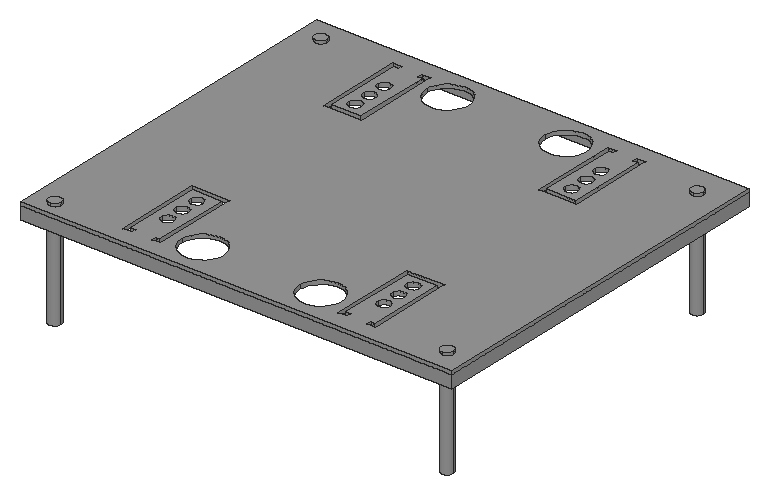
Revit family "Höhenerweiterung für Bodentank UDHOME9", category Generic Models, Revit 2015
Parameters (values of type "HE60 UDHOME9")
  Width = 285 mm
  URL = "http://www.obo-bettermann.com"
  Material = Steel, Galvanized
  Manufacturer Art.No. = "7427444"
  Manufacturer = "OBO Bettermann"
  Length = 245 mm
  HeightCalc = if(Height < 10 mm, 10 mm, (if(Height > 60 mm, 60 mm, Height)))  # 60 mm
  Height 1 = 72 mm
  Height = 60 mm
  GTIN = "4012195919315"
  Article Type = "HE60 UDHOME9"
Reference planes
  plane 1 "Center (Front/Back)": y = 0
  plane 2: z = 0
  plane 3 "Center (Left/Right)": x = 0
  plane 4: z = 72
  plane 5: z = 60
Forms (mm)
  Extrusion 1, solid, material "Steel, Galvanized" <- "Material"
    sketch origin (0, 0, 0) x (1, 0, 0) y (0, 1, 0)
      loop
        circle (-128, 107.5) r 4
      loop
        circle (124, 103.5) r 4
      loop
        circle (-128, -112) r 4
      loop
        circle (128, -108) r 4
    from 0 to 72
  Extrusion 2, solid, material "Steel, Galvanized" <- "Material"
    sketch origin (0, 0, 0) x (1, 0, 0) y (0, 1, 0)
      loop
        line (-142.5, 122.5) -> (-142.5, -122.5) -> (142.5, -122.5) -> (142.5, 122.5) -> (-142.5, 122.5)
    from 68.256 to 70.688
  Extrusion 3, solid, material "Steel, Galvanized" <- "Material"
    sketch origin (0, 0, 0) x (1, 0, 0) y (0, 1, 0)
      loop
        line (142.5, 122.5) -> (-142.5, 122.5) -> (-142.5, -122.5) -> (142.5, -122.5) -> (142.5, 122.5)
      loop
        line (-140.5, 120.5) -> (-140.5, -120.5) -> (140.5, -120.5) -> (140.5, 120.5) -> (-140.5, 120.5)
    from 60 to 68.256
  Extrusion 4, void
    sketch origin (0, 0, 0) x (1, 0, 0) y (0, 1, 0)
      loop
        line (-77.5, 111.4) -> (-83.5, 111.4) -> (-83.5, 54.4) -> (-58.5, 54.4) -> (-58.5, 111.4) -> (-64.5, 111.4) -> (-64.5, 108.4) -> (-61.5, 108.4) -> (-61.5, 57.4) -> (-80.5, 57.4) -> (-80.5, 108.4) -> (-77.5, 108.4) -> (-77.5, 111.4)
      loop
        line (77.5, 111.4) -> (77.5, 108.4) -> (80.5, 108.4) -> (80.5, 57.4) -> (61.5, 57.4) -> (61.5, 108.4) -> (64.5, 108.4) -> (64.5, 111.4) -> (58.5, 111.4) -> (58.5, 54.4) -> (83.5, 54.4) -> (83.5, 111.4) -> (77.5, 111.4)
      loop
        line (-77.5, -111.4) -> (-77.5, -108.4) -> (-80.5, -108.4) -> (-80.5, -57.4) -> (-61.5, -57.4) -> (-61.5, -108.4) -> (-64.5, -108.4) -> (-64.5, -111.4) -> (-58.5, -111.4) -> (-58.5, -54.4) -> (-83.5, -54.4) -> (-83.5, -111.4) -> (-77.5, -111.4)
      loop
        line (77.5, -111.4) -> (83.5, -111.4) -> (83.5, -54.4) -> (58.5, -54.4) -> (58.5, -111.4) -> (64.5, -111.4) -> (64.5, -108.4) -> (61.5, -108.4) -> (61.5, -57.4) -> (80.5, -57.4) -> (80.5, -108.4) -> (77.5, -108.4) -> (77.5, -111.4)
    from 68.256 to 70.688
  Extrusion 5, void
    sketch origin (0, 0, 0) x (1, 0, 0) y (0, 1, 0)
      loop
        circle (-71.5, 89.4) r 4.25
      loop
        circle (-71.5, 77.4) r 4.25
      loop
        circle (-71.5, 65.4) r 4.25
      loop
        circle (71.5, 89.4) r 4.25
      loop
        circle (71.5, 77.4) r 4.25
      loop
        circle (71.5, 65.4) r 4.25
      loop
        circle (-71.5, -89.4) r 4.25
      loop
        circle (-71.5, -77.4) r 4.25
      loop
        circle (-71.5, -65.4) r 4.25
      loop
        circle (71.5, -89.4) r 4.25
      loop
        circle (71.5, -77.4) r 4.25
      loop
        circle (71.5, -65.4) r 4.25
    from 68.256 to 70.688
  Extrusion 6, void
    sketch origin (0, 0, 0) x (1, 0, 0) y (0, 1, 0)
      loop
        circle (-39, 101) r 14
      loop
        circle (39, 101) r 14
      loop
        circle (-39, -101) r 14
      loop
        circle (39, -101) r 14
    from 68.256 to 70.688
Cuts and joins
  Extrusion 4, Extrusion 5, Extrusion 6 cuts Extrusion 2
Dimensions and locks
  "Height 1": plane 4 to level
  "Width": Extrusion 2 sketch curve to Extrusion 2 sketch curve
  equal spacing: Extrusion 2 sketch curve, plane 3 "Center (Left/Right)", Extrusion 2 sketch curve
  "Length": Extrusion 2 sketch curve to Extrusion 2 sketch curve
  equal spacing: Extrusion 2 sketch curve, plane 1 "Center (Front/Back)", Extrusion 2 sketch curve
  locked: Extrusion 2 to Extrusion 3 sketch curve at 2  (x3)
  locked: Extrusion 3 sketch curve to Extrusion 2 at 2
  locked: Extrusion 2 to Extrusion 2 at 2.433
  locked: Extrusion 3 to Extrusion 3 at 8.256
  "HeightCalc": plane 5 to level
  locked: Extrusion 4 sketch curve to Extrusion 4 sketch curve at 25  (x4)
  locked: Extrusion 4 sketch curve to Extrusion 4 sketch curve at 57  (x4)
  locked: cut or joined group of Extrusion 2, Extrusion 4, Extrusion 5, Extrusion 6 to Extrusion 4 sketch curve at 59
  locked: Extrusion 4 sketch curve to Extrusion 4 sketch curve at 6  (x8)
  locked: Extrusion 4 sketch curve to Extrusion 4 sketch curve at 3  (x16)
  locked: cut or joined group of Extrusion 2, Extrusion 4, Extrusion 5, Extrusion 6 to Extrusion 4 sketch curve at 11.1
  locked: cut or joined group of Extrusion 2, Extrusion 4, Extrusion 5, Extrusion 6 to Extrusion 5 sketch curve at 71  (x3)
  locked: cut or joined group of Extrusion 2, Extrusion 4, Extrusion 5, Extrusion 6 to Extrusion 5 sketch curve at 33.1
  locked: plane 3 "Center (Left/Right)" to Extrusion 1 sketch curve at 128  (x2)
  locked: Extrusion 1 sketch curve to plane 3 "Center (Left/Right)" at 128  (x2)
  locked: plane 1 "Center (Front/Back)" to Extrusion 1 sketch curve at 107.5  (x2)
  locked: Extrusion 1 sketch curve to plane 1 "Center (Front/Back)" at 108  (x2)
  locked: Extrusion 5 sketch curve to Extrusion 5 sketch curve at 12  (x8)
  locked: cut or joined group of Extrusion 2, Extrusion 4, Extrusion 5, Extrusion 6 to Extrusion 6 sketch curve at 21.5  (x2)
  locked: Extrusion 6 sketch curve to Extrusion 6 sketch curve at 78  (x2)
  equal spacing: Extrusion 6 sketch curve, plane 3 "Center (Left/Right)", Extrusion 6 sketch curve, locked at 39 each  (x2)
  diameter of Extrusion 1 sketch curve = 8 mm  (x4)
  diameter of Extrusion 5 sketch curve = 8.5 mm  (x9)
  diameter of Extrusion 6 sketch curve = 28 mm  (x4)
  aligned and locked: level to plane 2
  aligned and locked: plane 4 to Extrusion 1
  aligned and locked: Extrusion 3 to plane 5
  aligned and locked: Extrusion 2 to Extrusion 3
  aligned and locked: Extrusion 3 sketch curve to cut or joined group of Extrusion 2, Extrusion 4, Extrusion 5, Extrusion 6  (x4)
  aligned and locked: Extrusion 2 to Extrusion 4  (x2)
  aligned and locked: Extrusion 4 sketch curve to Extrusion 4 sketch curve  (x8)
  aligned and locked: Extrusion 2 to Extrusion 5  (x2)
  aligned and locked: Extrusion 2 to Extrusion 6  (x2)
Automatic sketch dimensions
  Extrusion 4 sketch curve to plane 3 "Center (Left/Right)" = 83.5 mm
  plane 3 "Center (Left/Right)" to Extrusion 4 sketch curve = 58.5 mm  (x2)
  Extrusion 4 sketch curve to plane 1 "Center (Front/Back)" = 54.4 mm
  plane 1 "Center (Front/Back)" to Extrusion 4 sketch curve = 54.4 mm  (x2)
  Extrusion 5 sketch curve to plane 3 "Center (Left/Right)" = 71.5 mm
  Extrusion 5 sketch curve to Extrusion 5 sketch curve = 0 mm  (x6)
  plane 3 "Center (Left/Right)" to Extrusion 5 sketch curve = 71.5 mm  (x2)
  plane 1 "Center (Front/Back)" to Extrusion 5 sketch curve = 65.4 mm  (x2)
  Extrusion 5 sketch curve to plane 1 "Center (Front/Back)" = 65.4 mm
  plane 1 "Center (Front/Back)" to Extrusion 6 sketch curve = 101 mm
  Extrusion 6 sketch curve to Extrusion 6 sketch curve = 0 mm
  radius of Extrusion 5 sketch curve = 4.25 mm  (x3)
